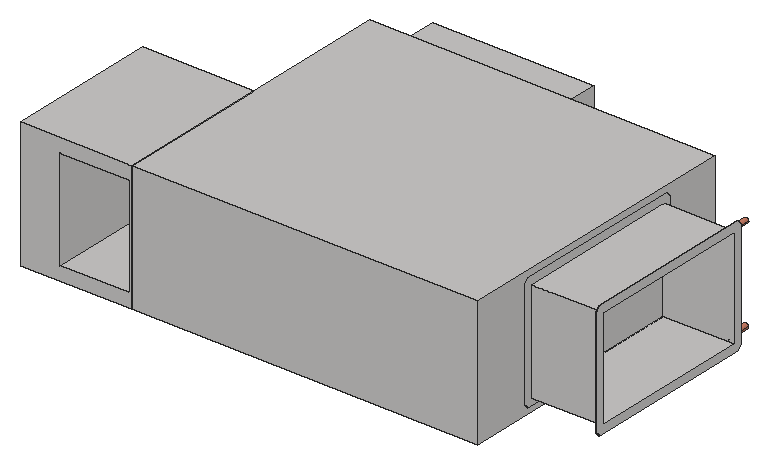
Revit family
Parameters
  Width = 3' - 1"
  Voltage = 208 V
  Unit Weight = if(and(Size Option = 1, Number of Rows = 1), "189.0 lbs", if(and(Size Option = 1, Number of Rows = 2), "192.0 lbs", if(and(Size Option = 2, Number of Rows = 1), "194.0 lbs", if(and(Size Option = 2, Number of Rows = 2), "197.0 lbs", "0"))))  # "189.0 lbs"
  UltraLoc Liner = Choose Liner Option = 3  # no
  URL = "http://www.titus-hvac.com/"
  UL = "181"
  Supply Air Flow [instance] = 0 CFM
  SteriLoc Liner = Choose Liner Option = 2  # no
  Size Option = 1
  Size C = Size Option = 2  # no
  Size B = Size Option = 1  # yes
  Secondary Material = Copper Connectors
  Primary Air Pressure Drop [instance] = 0.00 in-wg
  Primary Air Flow [instance] = 0 CFM
  Pressure [instance] = 0.00 psi
  Plenum Air Pressure Drop [instance] = 0.00 in-wg
  Plenum Air Flow [instance] = 0 CFM
  Outlet Width = 1' - 8 1/2"
  Outlet Height = 1' - 0 1/2"
  Number of Rows = 1
  Number of Poles = 2
  Nominal Width = Width + 0' 6 1/4"  # 3' - 7 1/4"
  Nominal Length = Length + 1' 1 7/8" + 0' 9"  # 5' - 5 7/8"
  Nominal Inlet Size = 0' - 6"
  Nominal Height = 1' - 4"
  NFPA = "90A"
  Motor Full Load Amps [instance] = 0.9 A
  Model = "DTFS-F"
  Min. Air Flow = 0 CFM
  Max. Air Flow = 500 CFM
  Material = Galvanized Steel
  Manufacturer = "Titus"
  Length = 3' - 7"
  Juction Box Offset = 0' - 2 7/8"
  Inlet Diameter = Nominal Inlet Size - 0' 0 1/8"  # 0' - 5 7/8"
  Induced Air Inlet Width = 1' - 1 7/8"
  Induced Air Inlet Offset = (Height - Induced Air Inlet Connection Height) / 2  # 0' - 1 11/16"
  Induced Air Inlet Height = 1' - 7"
  Induced Air Inlet Connection Width = 0' - 8 3/4"
  Induced Air Inlet Connection Height = 1' - 0 5/8"
  Induced Air Filter = no
  Height = 1' - 4"
  Heating Total Capacity [instance] = 0 Btu/h
  Heating Entering Water Temp = 0 °F
  Half Outlet Connection Width = Outlet Width / 2  # 0' - 10 1/4"
  Half Outlet Connection Height = Outlet Height / 2  # 0' - 6 1/4"
  Half Height Start = -(Height / 2)  # -0' - 8"
  Half Height End = Height / 2  # 0' - 8"
  HWC Option = HWC Section : B-C - 1 Row
  HWC Connector Radius = 5/16"
  HP-Motor = "1/6"
  Gallons Per Minute [instance] = 0 GPM
  Frequency = 60 Hz
  Flange Offset = 0' - 1"
  Filter Size = "11\"x14\""
  Fiber Free Liner = Choose Liner Option = 1  # no
  Fan Disconnect Switch = no
  Duct Radius = Nominal Inlet Size / 2  # 0' - 3"
  Description = "Ultra Quiet Series Fan Powered Terminal Unit, Direct Digital Control, Pressure Independent"
  Connector Vertical Offset = 0' - 11 3/4"
  HWC Connector Length = 0' - 3"
  Connector Horizontal Offset = if(Number of Rows = 1, 0' 0", if(Number of Rows = 2, 0' 1", 0' 0"))  # 0' - 0"
  Connection Void Radius = Connection Radius - 0' 0 1/4"  # 0' - 2 11/16"
  Connection Radius = Inlet Diameter / 2  # 0' - 2 15/16"
  Choose Liner Option = 0
  CADworks URL = "www.CADworks.net"
  Assembly Code = "D3040100"
  Apparent Power [instance] = Voltage * Motor Full Load Amps  # 187.2 VA
  Air Inlet Offset = 0' - 6"
  1/2" Fiberglass Liner = Choose Liner Option = 0  # yes
  1" Fiberglass Liner = Choose Liner Option = 4  # no
Reference planes (in)
  plane 1 "Center (Front/Back)": y = 0
  plane 2: z = 0
  plane 3 "Center (Left/Right)": x = 3
  plane 4: x = -18.5
  plane 5: x = 24.5
  plane 6: x = -15.625
  plane 7: x = -21.875
  plane 8: z = 0
  plane 9: y = -18.5
  plane 10: y = 18.5
  plane 11: y = 12.5
  plane 12: z = 0
  plane 13: x = 33.5
  plane 14: x = 32.5
  plane 15: y = 13.25
  plane 16: y = 10.25
  plane 17: z = 5.875
  plane 18: z = -5.875
  plane 19: x = 32.5
  plane 20: z = 8
  plane 21: z = -8
  plane 22: y = 24.75
  plane 23: x = -32.375
Forms (in)
  Extrusion 1, solid, material "Galvanized Steel" <- "Material"
    sketch origin (0, 0, 0) x (1, 0, 0) y (0, 1, 0)
      loop
        line (-18.5, 18.5) -> (-18.5, -18.5) -> (24.5, -18.5) -> (24.5, 18.5) -> (-18.5, 18.5)
    from -8 <- "Half Height Start" to 8 <- "Half Height End"
  Extrusion 2, solid, material "Galvanized Steel" <- "Material"
    sketch origin (0, 0, 0) x (1, 0, 0) y (0, 1, 0)
      loop
        line (-32.375, 0.5) -> (-32.375, -18.5) -> (-18.5, -18.5) -> (-18.5, 0.5) -> (-32.375, 0.5)
    from -8 <- "Half Height Start" to 8 <- "Half Height End"
  Extrusion 3, void
    sketch origin (0, -18.5, 0) x (1, 0, 0) y (0, 0, -1)
      loop
        line (-18.75, 6.3125) -> (-27.5, 6.3125) -> (-27.5, -6.3125) -> (-18.75, -6.3125) -> (-18.75, 6.3125)
    from 0 to 16
  Extrusion 4, solid, material "Galvanized Steel" <- "Material"
    sketch origin (3, 0, 30) x (1, 0, 0) y (0, 1, 0)
      loop
        line (-18.625, 18.5) -> (1.375, 18.5) -> (1.375, 24.75) -> (-18.625, 24.75) -> (-18.625, 18.5)
    from -36 to -24
  Extrusion 5, solid, material "Galvanized Steel" <- "Material"
    sketch origin (-24.875, -2, 0) x (0, 0, -1) y (0, 1, 0)
      loop
        circle (0, 14.5) r 2.9375
    from 3 to 6.375
  Extrusion 6, void
    sketch origin (-24.875, 0, 0) x (0, 1, 0) y (0, 0, 1)
      loop
        circle (12.5, 0) r 2.6875
    from 3 to 9.25
  Extrusion 7, void, detail levels fine
    sketch origin (33.5, -10.25, 6.25) x (0, 0, 1) y (0, -1, 0)
      loop
        line (-12.5, 0) -> (-12.5, -20.5) -> (0, -20.5) -> (0, 0) -> (-12.5, 0)
    from -0.0625 to 0
  Extrusion 8, solid, material "Copper Connectors" <- "Secondary Material", detail levels fine
    sketch origin (0, 0, 0) x (1, 0, 0) y (0, 0, 1)
      loop
        circle (32.5, 5.875) r 0.3125
    from -13.25 to -10.3125
  Extrusion 9, solid, material "Copper Connectors" <- "Secondary Material", detail levels fine
    sketch origin (0, 0, 0) x (1, 0, 0) y (0, 0, 1)
      loop
        circle (32.5, -5.875) r 0.3125
    from -13.25 to -10.3125
Cuts and joins
  Extrusion 3 cuts Extrusion 2
  Extrusion 6 cuts Extrusion 1
  Extrusion 6 cuts Extrusion 5
Dimensions and locks (in)
  "Length": plane 5 to plane 4
  equal spacing: plane 5, plane 3 "Center (Left/Right)", plane 4
  locked: Extrusion 4 to plane 6 at 0
  locked: Extrusion 4 to Extrusion 4 at 20
  "Juction Box Offset": plane 6 to plane 4
  locked: plane 4 to plane 7 at 3.375
  "Width": plane 9 to plane 10
  equal spacing: plane 9, plane 1 "Center (Front/Back)", plane 10
  locked: Extrusion 5 sketch curve to level at 0
  locked: Extrusion 5 sketch curve to plane 11 at 0
  locked: Extrusion 6 sketch curve to level at 0
  locked: Extrusion 6 sketch curve to plane 11 at 0
  locked: Extrusion 4 to Extrusion 4 at 6.25
  locked: Extrusion 4 to Extrusion 4 at 12
  equal spacing: Extrusion 4, plane 8, Extrusion 4
  "Air Inlet Offset": plane 10 to plane 11
  "Induced Air Inlet Height": cut or joined group of Extrusion 2, Extrusion 3 to cut or joined group of Extrusion 2, Extrusion 3
  locked: cut or joined group of Extrusion 5, Extrusion 6 to cut or joined group of Extrusion 5, Extrusion 6 at 3.375
  "Induced Air Inlet Connection Height": Extrusion 3 sketch curve to Extrusion 3 sketch curve
  "Induced Air Inlet Offset": Extrusion 3 sketch curve to cut or joined group of Extrusion 2, Extrusion 3
  "Induced Air Inlet Connection Width": Extrusion 3 sketch curve to Extrusion 3 sketch curve
  locked: Extrusion 3 sketch curve to cut or joined group of Extrusion 1, Extrusion 6 at 0.25
  locked: plane 5 to plane 13 at 9
  locked: plane 14 to plane 13 at 1
  locked: plane 17 to plane 18 at 11.75
  equal spacing: plane 17, plane 12, plane 18
  "Connector Horizontal Offset": plane 19 to plane 14
  "HWC Connector Length": plane 16 to plane 15
  locked: cut or joined group of Extrusion 2, Extrusion 3 to cut or joined group of Extrusion 2, Extrusion 3 at 16
  equal spacing: cut or joined group of Extrusion 2, Extrusion 3, plane 12, cut or joined group of Extrusion 2, Extrusion 3
  locked: cut or joined group of Extrusion 1, Extrusion 6 to cut or joined group of Extrusion 2, Extrusion 3 at 16
  equal spacing: cut or joined group of Extrusion 1, Extrusion 6, plane 12, cut or joined group of Extrusion 1, Extrusion 6
  locked: cut or joined group of Extrusion 2, Extrusion 3 to cut or joined group of Extrusion 2, Extrusion 3 at 13.875
  locked: nested 1 to cut or joined group of Extrusion 1, Extrusion 6 at 1.6875
  locked: cut or joined group of Extrusion 1, Extrusion 6 to nested 1 at 1.6875
  "Connection Radius": radius of Extrusion 5 sketch curve
  "Connection Void Radius": radius of Extrusion 6 sketch curve
  "HWC Connector Radius": radius of Extrusion 8 sketch curve
  "HWC Connector Radius": radius of Extrusion 9 sketch curve
  aligned and locked: plane 10 to Extrusion 4
  aligned and locked: plane 7 to cut or joined group of Extrusion 5, Extrusion 6
  aligned and locked: plane 9 to cut or joined group of Extrusion 2, Extrusion 3  (x3)
  aligned and locked: nested 1 to Extrusion 8
  aligned and locked: plane 15 to Extrusion 8
  aligned and locked: nested 1 to Extrusion 9
  aligned and locked: plane 15 to Extrusion 9
  aligned and locked: plane 5 to cut or joined group of Extrusion 1, Extrusion 6
  aligned and locked: cut or joined group of Extrusion 1, Extrusion 6 to plane 10
  aligned and locked: plane 9 to cut or joined group of Extrusion 1, Extrusion 6
  aligned and locked: cut or joined group of Extrusion 1, Extrusion 6 to plane 4
  aligned and locked: cut or joined group of Extrusion 1, Extrusion 6 to nested 1
  aligned and locked: cut or joined group of Extrusion 5, Extrusion 6 to cut or joined group of Extrusion 1, Extrusion 6
  aligned and locked: cut or joined group of Extrusion 2, Extrusion 3 to cut or joined group of Extrusion 1, Extrusion 6
  aligned and locked: Extrusion 6 to plane 7
  aligned and locked: plane 6 to Extrusion 6
  aligned and locked: plane 23 to cut or joined group of Extrusion 2, Extrusion 3
  aligned and locked: plane 22 to Extrusion 4
  aligned and locked: plane 13 to nested 1
  aligned and locked: plane 20 to cut or joined group of Extrusion 2, Extrusion 3
  aligned and locked: plane 20 to cut or joined group of Extrusion 1, Extrusion 6
  aligned and locked: plane 21 to cut or joined group of Extrusion 2, Extrusion 3
  aligned and locked: plane 21 to cut or joined group of Extrusion 1, Extrusion 6
Automatic sketch dimensions
  Extrusion 1 sketch curve to plane 4 = 0' - 0"
  Extrusion 1 sketch curve to plane 5 = 0' - 0"
  Extrusion 1 sketch curve to plane 9 = 0' - 0"
  Extrusion 1 sketch curve to plane 10 = 0' - 0"
  Extrusion 2 sketch curve to plane 4 = 0' - 0"
  Extrusion 2 sketch curve to plane 9 = 0' - 0"
  Extrusion 2 sketch curve to plane 1 "Center (Front/Back)" = 0' - 0 1/2"
  Extrusion 4 sketch curve to plane 6 = 0' - 0"
  Extrusion 4 sketch curve to plane 10 = 0' - 0"
  plane 3 "Center (Left/Right)" to Extrusion 4 sketch curve = 0' - 1 3/8"
  Extrusion 4 sketch curve to plane 10 = 0' - 6 1/4"
  Extrusion 2 sketch curve to plane 7 = 0' - 10 1/2"
  Extrusion 7 sketch curve to nested 1 = 0' - 0"  (x4)
  Extrusion 8 sketch curve to plane 17 = 0' - 0"
  Extrusion 8 sketch curve to plane 19 = 0' - 0"
  Extrusion 9 sketch curve to plane 14 = 0' - 0"
  Extrusion 9 sketch curve to plane 18 = 0' - 0"
Nested families (in)
  nested 1: "HWC Section" at (29, 0, 0) x (0, 1, 0) z (0, 0, 1), type <- "HWC Option", type "B-C - 1 Row"
Connectors (in)
  electrical at (-5.625, 24.75, 0), driven by "Apparent Power", driven by "Voltage", driven by "Number of Poles"
    settings: on Extrusion 4, index 8
  hvac at (-21.875, 12.5, 0), driven by "Duct Radius", driven by "Primary Air Pressure Drop", driven by "Primary Air Flow"
    settings: on cut or joined group of Extrusion 5, Extrusion 6, index 9
  hvac at (-23.125, -18.5, 0), driven by "Induced Air Inlet Connection Height", driven by "Induced Air Inlet Connection Width", driven by "Plenum Air Pressure Drop", driven by "Plenum Air Flow"
    settings: on cut or joined group of Extrusion 2, Extrusion 3, index 10
  hvac at (33.5, 0, 0), driven by "Outlet Height", driven by "Outlet Width", driven by "Supply Air Flow"
    settings: on Extrusion 7, index 11
  piping at (32.5, 13.25, 5.875), driven by "Gallons Per Minute", driven by "Pressure", driven by "HWC Connector Radius"
    settings: on Extrusion 8, index 12
  piping at (32.5, 13.25, -5.875), driven by "Gallons Per Minute", driven by "HWC Connector Radius", driven by "Pressure"
    settings: on Extrusion 9, index 13
Definition of nested family "HWC Section"
  Parameters (values of type "B-C - 1 Row")
    Visibility = yes
    Secondary Material = Copper Connectors
    Number of Rows = 1
    Material = Galvanized Steel
    Half Width = HWC Width / 2  # 0' - 10 1/4"
    Half Length-Start = -(HWC Length / 2)  # -0' - 4 1/2"
    Half Length-End = HWC Length / 2  # 0' - 4 1/2"
    HWC Connection Radius = 5/16"
    Flange Offset = 0' - 1"
    Duct Vertical Offset = HWC Height - 0' 0 1/2"  # 1' - 0"
    Duct Horizontal Offset = HWC Width - 0' 0 1/2"  # 1' - 8"
    Connector Vertical Offset = 0' - 11 3/4"
    HWC Width = 1' - 8 1/2"
    HWC Height = 1' - 0 1/2"
    HWC Length = 0' - 9"  # constant formula
    Gallons Per Minute = 0 GPM
    Connector Length = 0' - 3"
    Connector Horizontal Offset = 0' - 0"
  Types (5): name | Number of Rows | Half Width | Flange Offset | Duct Vertical Offset | Duct Horizontal Offset | Connector Vertical Offset | HWC Width | HWC Height | Connector Horizontal Offset
    (no name) | 1 | 0' - 10 1/4" | 0' - 1" | 1' - 0" | 1' - 8" | 0' - 11 3/4" | 1' - 8 1/2" | 1' - 0 1/2" | 0' - 0"
    B-C - 1 Row | 1 | 0' - 10 1/4" | 0' - 1" | 1' - 0" | 1' - 8" | 0' - 11 3/4" | 1' - 8 1/2" | 1' - 0 1/2" | 0' - 0"
    B-C - 2 Row | 2 | 0' - 10 1/4" | 0' - 1" | 1' - 0" | 1' - 8" | 0' - 11 3/4" | 1' - 8 1/2" | 1' - 0 1/2" | 0' - 1"
    D-E - 1 Row | 1 | 1' - 0 1/2" | 0' - 1 1/4" | 1' - 5" | 2' - 0 1/2" | 1' - 4 1/4" | 2' - 1" | 1' - 5 1/2" | 0' - 0"
    D-E - 2 Row | 2 | 1' - 0 1/2" | 0' - 1 1/4" | 1' - 5" | 2' - 0 1/2" | 1' - 4 3/4" | 2' - 1" | 1' - 5 1/2" | 0' - 1"
  Reference planes (in)
    plane 1 "Center (Front/Back)": y = 0
    plane 2: z = 0
    plane 3 "Center (Left/Right)": x = 0
    plane 4: x = -10.25
    plane 5: x = 10.25
    plane 6: y = 4.5
    plane 7: y = -4.5
    plane 8: z = 6.25
    plane 9: z = -6.25
    plane 10: z = 5.875
    plane 11: z = -5.875
    plane 12: y = 3.5
    plane 13: y = 3.5
    plane 14: x = 13.25
  Forms (in)
    Extrusion 1, solid, material "Galvanized Steel" <- "Material", visible <- "Visibility"
      sketch origin (0, 0, 0) x (1, 0, 0) y (0, 0, 1)
        loop
          line (-10.3125, 6.3125) -> (-10.3125, -6.3125) -> (10.3125, -6.3125) -> (10.3125, 6.3125) -> (-10.3125, 6.3125)
      from -4.375 <- "Half Length-Start" to 4.5 <- "Half Length-End"
    Extrusion 2, void, detail levels fine
      sketch origin (0, 0, 0) x (1, 0, 0) y (0, 0, 1)
        loop
          line (-10.25, -6.25) -> (10.25, -6.25) -> (10.25, 6.25) -> (-10.25, 6.25) -> (-10.25, -6.25)
      from -4.5 <- "Half Length-Start" to 4.5 <- "Half Length-End"
    Extrusion 3, solid, material "Copper Connectors" <- "Secondary Material", visible <- "Visibility"
      sketch origin (6, 2.625, 0) x (0, 1, 0) y (0, 0, 1)
        loop
          circle (0.875, -5.875) r 0.3125
      from 4.3125 to 7.25
    Extrusion 4, solid, material "Galvanized Steel" <- "Material", visible <- "Visibility"
      sketch origin (0, -4.375, 0) x (1, 0, 0) y (0, 0, 1)
        loop
          line (-10.25, 6.25) -> (-10.25, -6.25) -> (10.25, -6.25) -> (10.25, 6.25) -> (-10.25, 6.25)
        loop
          line (-11.25, 6.75) -> (-11.25, -6.75) -> (-10.75, -7.25) -> (10.75, -7.25) -> (11.25, -6.75) -> (11.25, 6.75) -> (10.75, 7.25) -> (-10.75, 7.25) -> (-11.25, 6.75)
      from 0 to 0.125
    Extrusion 5, solid, material "Copper Connectors" <- "Secondary Material", visible <- "Visibility"
      sketch origin (6, -0.5, 0) x (0, 1, 0) y (0, 0, 1)
        loop
          circle (4, 5.875) r 0.3125
      from 4.3125 to 7.25
    Extrusion 6, solid, material "Galvanized Steel" <- "Material", visible <- "Visibility"
      sketch origin (0, 4.375, 0) x (1, 0, 0) y (0, 0, -1)
        loop
          line (-10.25, -6.25) -> (10.25, -6.25) -> (10.25, 6.25) -> (-10.25, 6.25) -> (-10.25, -6.25)
        loop
          line (-11.25, -6.75) -> (-10.75, -7.25) -> (10.75, -7.25) -> (11.25, -6.75) -> (11.25, 6.75) -> (10.75, 7.25) -> (-10.75, 7.25) -> (-11.25, 6.75) -> (-11.25, -6.75)
      from 0 to 0.125
  Cuts and joins
    Extrusion 2 cuts Extrusion 1
    joined: Extrusion 1, Extrusion 4, Extrusion 6
  Dimensions and locks (in)
    "HWC Width": plane 4 to plane 5
    equal spacing: plane 4, plane 3 "Center (Left/Right)", plane 5
    "HWC Height": plane 8 to plane 9
    equal spacing: plane 8, plane 2, plane 9
    equal spacing: plane 10, plane 2, plane 11
    locked: plane 12 to plane 6 at 1
    "Connector Horizontal Offset": plane 13 to plane 12
    locked: plane 7 to Extrusion 4 at 0.125
    locked: Extrusion 6 to plane 6 at 0.125
    locked: plane 4 to Extrusion 1 sketch curve at 0.0625
    locked: Extrusion 4 to Extrusion 1 sketch curve at 0.0625
    locked: Extrusion 1 sketch curve to plane 8 at 0.0625
    locked: plane 9 to Extrusion 1 sketch curve at 0.0625
    "Connector Length": plane 5 to plane 14
    "HWC Length": plane 6 to plane 7
    equal spacing: plane 6, plane 1 "Center (Front/Back)", plane 7
    "Connector Vertical Offset": plane 10 to plane 11
    equal spacing: plane 10, level, plane 11
    "HWC Width": Extrusion 4 sketch curve to Extrusion 4 sketch curve
    equal spacing: Extrusion 4 sketch curve, plane 3 "Center (Left/Right)", Extrusion 4 sketch curve
    "HWC Height": Extrusion 4 sketch curve to Extrusion 4 sketch curve
    equal spacing: Extrusion 4 sketch curve, plane 2, Extrusion 4 sketch curve
    "Flange Offset": cut or joined group of Extrusion 1, Extrusion 2, Extrusion 4, Extrusion 6 to plane 8
    "Flange Offset": plane 9 to cut or joined group of Extrusion 1, Extrusion 2, Extrusion 4, Extrusion 6
    locked: cut or joined group of Extrusion 1, Extrusion 2, Extrusion 4, Extrusion 6 to plane 4 at 1  (x2)
    locked: cut or joined group of Extrusion 1, Extrusion 2, Extrusion 4, Extrusion 6 to plane 5 at 1  (x2)
    "HWC Width": Extrusion 6 sketch curve to Extrusion 6 sketch curve
    "HWC Height": Extrusion 6 sketch curve to Extrusion 6 sketch curve
    equal spacing: Extrusion 6 sketch curve, plane 3 "Center (Left/Right)", Extrusion 6 sketch curve
    equal spacing: Extrusion 6 sketch curve, plane 2, Extrusion 6 sketch curve
    "HWC Height": Extrusion 2 sketch curve to Extrusion 2 sketch curve
    "HWC Width": Extrusion 2 sketch curve to Extrusion 2 sketch curve
    equal spacing: Extrusion 2 sketch curve, plane 3 "Center (Left/Right)", Extrusion 2 sketch curve
    equal spacing: Extrusion 2 sketch curve, plane 2, Extrusion 2 sketch curve
    locked: plane 5 to Extrusion 3 at 0.0625
    locked: plane 5 to Extrusion 5 at 0.0625
    "Flange Offset": Extrusion 6 sketch curve to plane 8  (x2)
    "Flange Offset": plane 9 to Extrusion 6 sketch curve  (x2)
    "HWC Connection Radius": radius of Extrusion 3 sketch curve
    "HWC Connection Radius": radius of Extrusion 5 sketch curve
    aligned and locked: plane 7 to Extrusion 4
    aligned and locked: plane 6 to Extrusion 6
    aligned and locked: plane 14 to Extrusion 5
    aligned and locked: plane 14 to Extrusion 3
    aligned and locked: Extrusion 6 to cut or joined group of Extrusion 1, Extrusion 2, Extrusion 4, Extrusion 6
    aligned and locked: Extrusion 4 to Extrusion 4
  Automatic sketch dimensions
    Extrusion 3 sketch curve to plane 11 = 0' - 0"
    Extrusion 3 sketch curve to plane 12 = 0' - 0"
    plane 4 to Extrusion 4 sketch curve = 0' - 1"
    plane 4 to Extrusion 4 sketch curve = 0' - 0 1/2"  (x2)
    Extrusion 4 sketch curve to plane 5 = 0' - 0 1/2"  (x2)
    Extrusion 4 sketch curve to Extrusion 4 sketch curve = 0' - 0 1/2"  (x3)
    Extrusion 4 sketch curve to plane 9 = 0' - 0 1/2"  (x2)
    plane 8 to Extrusion 4 sketch curve = 0' - 0 1/2"  (x2)
    Extrusion 5 sketch curve to plane 10 = 0' - 0"
    Extrusion 5 sketch curve to plane 13 = 0' - 0"
    plane 4 to Extrusion 6 sketch curve = 0' - 1"
    plane 4 to Extrusion 6 sketch curve = 0' - 0 1/2"  (x2)
    Extrusion 6 sketch curve to plane 5 = 0' - 0 1/2"  (x2)
    Extrusion 6 sketch curve to Extrusion 6 sketch curve = 0' - 0 1/2"  (x2)
    plane 8 to Extrusion 6 sketch curve = 0' - 0 1/2"  (x2)
    Extrusion 6 sketch curve to plane 9 = 0' - 0 1/2"
